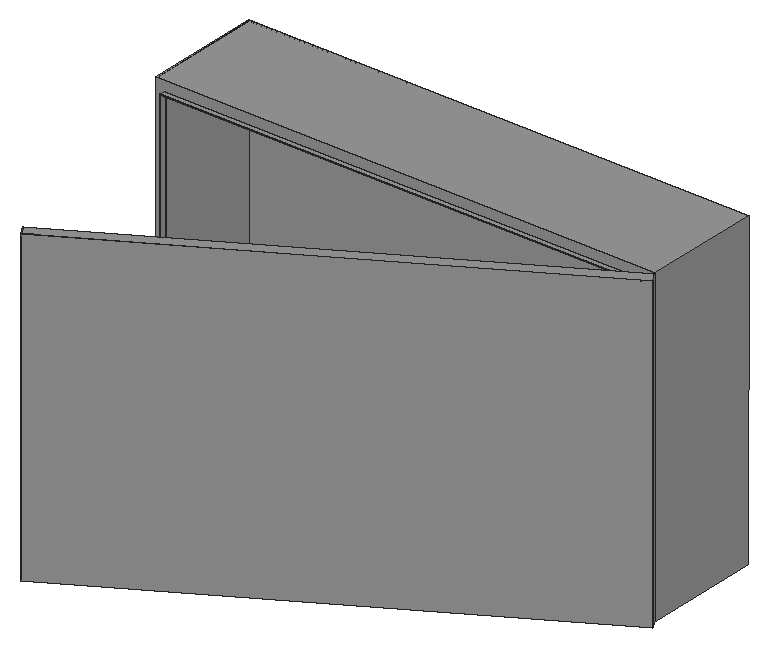
Revit family "Hager-Univers-IP44-D205-H500-Cl.I-Encl-NoHosted-CH-fr", category Electrical Equipment, Revit 2020
Family settings
  Panel Configuration = Two Columns, Circuits Across
  Round Connector Dimension = Use Diameter
  Part Type = Panelboard
  Work Plane-Based = Yes
  Always vertical = Yes
  Cut with Voids When Loaded = No
  Shared = No
  Room Calculation Point = No
Parameters (values of type "saillie IP44 L800 H500 P205  - FP33TN2")
  Width Control [instance] = if([EF000008 - largeur] > Min Width, [EF000008 - largeur], Min Width)  # 800 mm
  Type Comments = [HG000003 - Gamme]  # "Univers"
  Thickness Door [instance] = if([EF009171 - épaisseur de matériau de la porte/du couvercle] > 3 mm, 3 mm, [EF009171 - épaisseur de matériau de la porte/du couvercle])  # 1 mm
  Seal Frame Offset [instance] = 17 mm  # constant formula
  Plinth Visibility [instance] = [HG000027 - Hauteur du socle] > 0 mm  # no
  Min Width [instance] = 100 mm  # constant formula
  Min Depth [instance] = (2 * [EF009170 - épaisseur de matériau du boîtier]) + 1 mm  # 3 mm
  Min Height [instance] = 100 mm  # constant formula
  Internal Frame Depth [instance] = (Door System Depth * 0.5)  # 9 mm
  Panel Name [instance] = ""  # (empty or 0)
  Model = ""
  HG000027 - Hauteur du socle = 0 mm
  HG000026 - Installation au sol = no
  HG000024 - Hauteur de la section basse = 600 mm
  HG000023 - Armoire double section = no
  HG000016 - Visibilité de la porte 3D [instance] = yes
  HG000015 - Visibilité de l'emprise de la porte [instance] = no
  HG000014 - Porte à droite [instance] = yes
  HG000013 - Porte à gauche [instance] = not([HG000014 - Porte à droite])  # no
  HG000012 - Angle de pivotement de la porte [instance] = 30.00°
  HG000010 - Portes asymétriques = no
  HG000009 - Porte à double battant = no
  HG000006 - Encastré = no
  HG000004 - Référence fabricant = "FP33TN2"
  HG000003 - Gamme = "Univers"
  HG000002 - avec porte = yes
  Frame Offset Bottom [instance] = 10 mm  # constant formula
  Frame Offset [instance] = 15 mm  # constant formula
  EF015940 - couvercle avec décharge de pression = no
  EF011959 - degré de protection (NEMA) = ""
  EF009554 - nombre d'ouvertures pour plaques à bride = 6
  EF009212 - finition du couvercle = "EV000116 - fermé"
  EF009171 - épaisseur de matériau de la porte/du couvercle = 1 mm
  EF009170 - épaisseur de matériau du boîtier = 1 mm
  EF008873 - courant nominal (In) = 250 A
  EF007800 - adapté à un parafoudre = no
  EF006306 - avec serrure = no
  EF006244 - couvercle/porte transparent(e) = no
  EF005474 - indice de protection (IP) = "EV006418 - IP44"
  EF004464 - type de porte = "EV002646 - unique"
  EF004427 - nombre de modules = 108
  EF004293 - indice de protection contre les chocs (IK) = "EV006815 - IK09"
  EF003532 - convient pour utilisation à l’extérieur = no
  EF002950 - largeur en nombre de modules = 36
  EF001613 - maintien de fonction = "EV000494 - sans"
  EF001596 - matériau du boîtier/corps = "EV000179 - acier"
  EF001131 - profondeur intérieure = 205 mm
  EF001088 - possibilité de montage en saillie = yes
  EF000437 - nombre d'entrées de conduit = 6
  EF000339 - type de capot = "EV001012 - couvercle"
  EF000266 - nombre de rangées = 3
  EF000218 - profondeur d'encastrement = 205 mm
  EF000118 - avec cadre/support de montage = no
  EF000116 - numéro RAL = "9010"
  EF000049 - profondeur = 205 mm
  EF000040 - hauteur = 500 mm
  EF000008 - largeur = 800 mm
  EF000007 - couleur = "EV000202 - blanc"
  EF000003 - mode de pose = "EV000384 - saillie"
  Door System Leaf Tolerance [instance] = 1.5 mm  # constant formula
  Door System Depth [instance] = 18 mm  # constant formula
  Door Height [instance] = Height Control - [HG000027 - Hauteur du socle]  # 500 mm
  Description = ""
  Default Elevation = 1219.2 mm
  Connector Offset [instance] = Height Control / 2  # 250 mm
  Manufacturer = "Hager"  # constant formula
  Height Control [instance] = if([EF000040 - hauteur] > Min Height, [EF000040 - hauteur], Min Height)  # 500 mm
  Depth Control [instance] = if([EF000049 - profondeur] > Min Depth, [EF000049 - profondeur], Min Depth)  # 205 mm
  Bottom Top Plate Trim [instance] = 1.5 mm  # constant formula
  Plinth height Ctrl [instance] = if([HG000027 - Hauteur du socle] > 0 mm, [HG000027 - Hauteur du socle], 12 mm)  # 12 mm
Types (10, lengths in mm): name | Width Control | HG000010 - Portes asymétriques | HG000009 - Porte à double battant | HG000004 - Référence fabricant | EF009554 - nombre d'ouvertures pour plaques à bride | EF004464 - type de porte | EF004427 - nombre de modules | EF002950 - largeur en nombre de modules | EF000437 - nombre d'entrées de conduit | EF000218 - profondeur d'encastrement | EF000008 - largeur
  saillie IP44 L1050 H500 P205  - FP34QT | 1050 | no | no | "FP34QT" | 8 | "EV003602 - double" | 144 | 48 | 8 | 0 | 1050
  saillie IP44 L1050 H500 P205  - FP34TN2 | 1050 | no | yes | "FP34TN2" | 8 | "EV003602 - double" | 144 | 48 | 8 | 205 | 1050
  saillie IP44 L1300 H500 P205  - FP35QT | 1300 | no | no | "FP35QT" | 10 | "EV003602 - double" | 180 | 60 | 10 | 0 | 1300
  saillie IP44 L1300 H500 P205  - FP35TN2 | 1300 | yes | yes | "FP35TN2" | 10 | "EV003602 - double" | 180 | 60 | 10 | 205 | 1300
  saillie IP44 L300 H500 P205  - FP31QT | 300 | no | no | "FP31QT" | 2 | "EV002646 - unique" | 36 | 12 | 2 | 0 | 300
  saillie IP44 L300 H500 P205  - FP31TN2 | 300 | no | no | "FP31TN2" | 2 | "EV002646 - unique" | 36 | 12 | 2 | 205 | 300
  saillie IP44 L550 H500 P205  - FP32QT | 550 | no | no | "FP32QT" | 4 | "EV002646 - unique" | 72 | 24 | 4 | 0 | 550
  saillie IP44 L550 H500 P205  - FP32TN2 | 550 | no | no | "FP32TN2" | 4 | "EV002646 - unique" | 72 | 24 | 4 | 205 | 550
  saillie IP44 L800 H500 P205  - FP33QT | 800 | no | no | "FP33QT" | 6 | "EV002646 - unique" | 108 | 36 | 6 | 0 | 800
  saillie IP44 L800 H500 P205  - FP33TN2 | 800 | no | no | "FP33TN2" | 6 | "EV002646 - unique" | 108 | 36 | 6 | 205 | 800
Reference planes
  plane 1 "Center (Front/Back)": y = 0
  plane 2: z = 0
  plane 3 "Center (Left/Right)": x = 0
  plane 4: y = 0
  plane 5: y = 0
  plane 6: z = 0
  plane 7: x = -400
  plane 8: x = 400
  plane 9: x = 399
  plane 10: x = -399
  plane 11: z = 0
  plane 12: z = 1
  plane 13: y = -205
  plane 14: y = -1
  plane 15: x = 0
  plane 16: y = -187
  plane 17: y = -204
  plane 18: y = -186
  plane 19: x = -384
  plane 20: x = 384
  plane 21: z = 11
  plane 22: x = -383
  plane 23: x = 383
  plane 24: z = 0
  plane 25: z = 500
  plane 26: z = 500
  plane 27: z = 484
  plane 28: z = 499
Forms (mm)
  Extrusion 1, solid, material "Hager_Steel_RAL7035_Light_Grey", detail levels medium+fine
    sketch origin (-208.679, -4572, 0) x (-1, 0, 0) y (0, -1, 0)
      loop
        line (191.321, -4385) -> (-608.679, -4385) -> (-608.679, -4572) -> (191.321, -4572) -> (191.321, -4385)
    from 0 to 500
  Extrusion 2, void
    sketch origin (-350.771, -205, 1219.2) x (1, 0, 0) y (0, 0, 1)
      loop
        line (-48.229, -720.2) -> (-48.229, -1218.2) -> (749.771, -1218.2) -> (749.771, -720.2) -> (-48.229, -720.2)
    from -19 to -204
  Extrusion 3, void
    sketch origin (-290.084, -187, 1219.2) x (1, 0, 0) y (0, 0, 1)
      loop
        line (-93.916, -1208.2) -> (674.084, -1208.2) -> (674.084, -735.2) -> (-93.916, -735.2) -> (-93.916, -1208.2)
    from 0 to -1
  Extrusion 4, solid, material "Hager_Steel_RAL7035_Light_Grey", visible <- "Plinth Visibility", detail levels medium+fine
    sketch origin (0, 0, 0) x (1, 0, 0) y (0, 1, 0)
      loop
        line (-400, 0) -> (-400, -187) -> (400, -187) -> (400, 0) -> (-400, 0)
    from 0 to 12 <- "Plinth height Ctrl"
  Extrusion 5, solid, material "Hager_Steel_RAL7035_Light_Grey", detail levels coarse
    sketch origin (0, 0, 0) x (1, 0, 0) y (0, 1, 0)
      loop
        line (-400, 0) -> (-400, -205) -> (400, -205) -> (400, 0) -> (-400, 0)
    from 0 to 500 <- "Height Control"
  Sweep 6, void
    path in 3D
      loop
        line (-400, -187, 12) -> (400, -187, 12) -> (400, 0, 12) -> (-400, 0, 12) -> (-400, -187, 12)
    profile origin (-400, -93.5, 12) x (1, 0, 0) y (0, 0, 1)
      loop
        line (0, 0) -> (0, -1.5) -> (1.5, -1.5)
        arc (1.5, -1.5) -> (1.061, -0.439) -> (0, 0) r 1.5
  Extrusion 7, solid, material "Hager_Steel_RAL7035_Light_Grey", detail levels fine
    sketch origin (-400, -187, 0) x (1, 0, 0) y (0, 0, 1)
      loop
        line (16, 11) -> (784, 11) -> (784, 484) -> (16, 484) -> (16, 11)
      loop
        line (15, 10) -> (785, 10) -> (785, 485) -> (15, 485) -> (15, 10)
    from 0 to 9 <- "Internal Frame Depth"
Cuts and joins
  Extrusion 2, Extrusion 3 cuts Extrusion 1
  Sweep 6 cuts Extrusion 4
Lines and regions (mm)
  Masking region 1
    outline origin (0, 0, 0) x (1, 0, 0) y (0, 1, 0)
      loop
        line (-400, 0) -> (-400, -205) -> (400, -205) -> (400, 0) -> (-400, 0)
  Masking region 2, detail levels coarse
    outline origin (-290.084, -187, 1219.2) x (-1, 0, 0) y (0, 0, 1)
      loop
        line (-690.084, -1219.2) -> (109.916, -1219.2) -> (109.916, -719.2) -> (-690.084, -719.2) -> (-690.084, -1219.2)
  Masking region 3, detail levels coarse
    outline origin (0, 0, 0) x (0, 1, 0) y (0, 0, 1)
      loop
        line (0, 0) -> (0, 500) -> (-205, 500) -> (-205, 0) -> (0, 0)
  Masking region 4, visible <- "Plinth Visibility", detail levels medium+fine
    outline origin (0, 0, 0) x (0, 1, 0) y (0, 0, 1)
      loop
        line (-1.5, 12) -> (-185.5, 12)
        arc (-185.5, 12) -> (-185.939, 10.939) -> (-187, 10.5) r 1.5
        line (-187, 10.5) -> (-187, 0) -> (0, 0) -> (0, 10.5)
        arc (0, 10.5) -> (-1.061, 10.939) -> (-1.5, 12) r 1.5
  Masking region 5, detail levels medium+fine
    outline origin (0, 0, 594.038) x (0, 1, 0) y (0, 0, 1)
      loop
        line (0, -594.038) -> (0, -94.038) -> (-187, -94.038) -> (-187, -594.038) -> (0, -594.038)
  Masking region 6, detail levels medium+fine
    outline origin (-359.7, -187, 1211.883) x (-1, 0, 0) y (0, 0, 1)
      loop
        line (-759.7, -1211.883) -> (40.3, -1211.883) -> (40.3, -711.883) -> (-759.7, -711.883) -> (-759.7, -1211.883)
  Masking region 7, visible <- "Plinth Visibility", detail levels medium+fine
    outline origin (-320.334, -187, 1041.368) x (-1, 0, 0) y (0, 0, 1)
      loop
        line (-720.334, -1041.368) -> (79.666, -1041.368) -> (79.666, -1030.868)
        arc (79.666, -1030.868) -> (78.606, -1030.429) -> (78.166, -1029.368) r 1.5
        line (78.166, -1029.368) -> (-718.834, -1029.368)
        arc (-718.834, -1029.368) -> (-719.273, -1030.429) -> (-720.334, -1030.868) r 1.5
        line (-720.334, -1030.868) -> (-720.334, -1041.368)
  sketch lines
    curve 1: line (-400, 0, 12) -> (-400, -187, 12)
    curve 2: line (-400, -187, 12) -> (400, -187, 12)
    curve 3: line (400, 0, 12) -> (-400, 0, 12)
    curve 4: line (400, -187, 12) -> (400, 0, 12)
Dimensions and locks
  locked: plane 1 "Center (Front/Back)" to plane 5
  "EF009170 - épaisseur de matériau du boîtier": plane 7 to plane 10
  "EF009170 - épaisseur de matériau du boîtier": plane 8 to plane 9
  equal spacing: plane 7, plane 3 "Center (Left/Right)", plane 8
  "Width Control": plane 7 to plane 8
  "Depth Control": plane 4 to plane 13
  "EF009170 - épaisseur de matériau du boîtier": plane 4 to plane 14
  "Height Control": plane 25 to level
  "HG000027 - Hauteur du socle": plane 11 to level
  "EF009170 - épaisseur de matériau du boîtier": plane 12 to plane 11
  "EF009170 - épaisseur de matériau du boîtier": plane 17 to plane 13
  "EF009170 - épaisseur de matériau du boîtier": plane 18 to plane 16
  "Frame Offset Bottom": plane 21 to plane 12
  "Frame Offset": plane 10 to plane 19
  "Frame Offset": plane 9 to plane 20
  "Door System Depth": plane 16 to plane 13
  "Seal Frame Offset": plane 7 to plane 22
  "Seal Frame Offset": plane 8 to plane 23
  "EF009170 - épaisseur de matériau du boîtier": plane 26 to plane 28
  "Frame Offset": plane 28 to plane 27
  "Connector Offset": plane 2 to connector elem
  "Bottom Top Plate Trim": profile plane to Sweep 6 sketch curve
  "Bottom Top Plate Trim": Sweep 6 sketch curve to Sweep 6 sketch curve
  "Plinth height Ctrl": Masking region 4 sketch curve to level
  "Plinth height Ctrl": Masking region 7 sketch curve to level
  "Thickness Door": Extrusion 7 sketch curve to Extrusion 7 sketch curve  (x4)
  "Bottom Top Plate Trim": radius of Sweep 6 sketch curve
  "Bottom Top Plate Trim": radius of Masking region 4 sketch curve  (x2)
  "Bottom Top Plate Trim": radius of Masking region 7 sketch curve  (x2)
  aligned and locked: Extrusion 2 sketch curve to plane 12
  aligned and locked: Extrusion 2 sketch curve to plane 9
  aligned and locked: Extrusion 2 sketch curve to plane 10
  aligned and locked: Extrusion 2 to plane 14
  aligned and locked: Extrusion 1 sketch curve to plane 4
  aligned and locked: plane 8 to Extrusion 1 sketch curve
  aligned and locked: plane 7 to Extrusion 1 sketch curve
  aligned and locked: Extrusion 2 to plane 18
  aligned and locked: plane 19 to Extrusion 3 sketch curve
  aligned and locked: plane 20 to Extrusion 3 sketch curve
  aligned and locked: Extrusion 3 to Extrusion 2
  aligned and locked: Extrusion 3 sketch curve to plane 21
  aligned and locked: plane 3 "Center (Left/Right)" to nested 1
  aligned and locked: Extrusion 1 sketch curve to plane 16
  aligned and locked: Extrusion 4 sketch curve to cut or joined group of Extrusion 1, Extrusion 2, Extrusion 3
  aligned and locked: Masking region 1 sketch curve to plane 7
  aligned and locked: Masking region 1 sketch curve to plane 5
  aligned and locked: Masking region 1 sketch curve to plane 8
  aligned and locked: Masking region 2 sketch curve to level
  aligned and locked: level to Masking region 3 sketch curve
  aligned and locked: plane 1 "Center (Front/Back)" to Masking region 3 sketch curve
  aligned and locked: plane 13 to Masking region 3 sketch curve
  aligned and locked: plane 5 to Masking region 4 sketch curve
  aligned and locked: Masking region 2 sketch curve to plane 8
  aligned and locked: Masking region 2 sketch curve to plane 7
  aligned and locked: plane 7 to nested 2
  aligned and locked: nested 2 to plane 5
  aligned and locked: plane 5 to Masking region 5 sketch curve
  aligned and locked: plane 26 to Masking region 5 sketch curve
  aligned and locked: Extrusion 5 sketch curve to plane 8
  aligned and locked: Extrusion 5 sketch curve to plane 7
  aligned and locked: Extrusion 5 sketch curve to plane 5
  aligned and locked: Extrusion 3 sketch curve to plane 27
  aligned and locked: Extrusion 2 sketch curve to plane 28
  aligned and locked: Masking region 2 to plane 25
  aligned and locked: Extrusion 4 to plane 16
  aligned and locked: profile plane to Sweep 6 sketch curve
  aligned and locked: Masking region 5 sketch curve to plane 24
  aligned and locked: level to Masking region 4 sketch curve
  aligned and locked: Masking region 1 to plane 13
  aligned and locked: nested 1 to plane 16
  aligned and locked: Masking region 3 to plane 25
  aligned and locked: plane 16 to Masking region 4 sketch curve
  aligned and locked: Masking region 5 sketch curve to plane 16
  aligned and locked: plane 24 to plane 11
  aligned and locked: plane 26 to plane 25
  aligned and locked: plane 26 to cut or joined group of Extrusion 1, Extrusion 2, Extrusion 3
  aligned and locked: nested 1 to plane 24
  aligned and locked: Extrusion 1 to Extrusion 3
  aligned and locked: Masking region 6 sketch curve to plane 8
  aligned and locked: Masking region 6 sketch curve to plane 24
  aligned and locked: Masking region 6 sketch curve to plane 7
  aligned and locked: Masking region 6 sketch curve to plane 26
  aligned and locked: Masking region 7 sketch curve to plane 7
  aligned and locked: level to Masking region 7 sketch curve
  aligned and locked: Masking region 7 sketch curve to plane 8
  aligned and locked: Extrusion 7 sketch curve to cut or joined group of Extrusion 1, Extrusion 2, Extrusion 3  (x4)
Automatic sketch dimensions
  plane 19 to Extrusion 3 sketch curve = 0 mm
  Extrusion 3 sketch curve to plane 20 = 0 mm
  Extrusion 3 sketch curve to plane 21 = 0 mm
  Extrusion 4 sketch curve to plane 7 = 0 mm
  Extrusion 4 sketch curve to plane 8 = 0 mm
  Extrusion 4 sketch curve to plane 16 = 0 mm
  Masking region 1 sketch curve to plane 13 = 0 mm
  Masking region 2 sketch curve to plane 25 = 0 mm
  Masking region 3 sketch curve to plane 25 = 0 mm
  Extrusion 5 sketch curve to plane 13 = 0 mm
  profile plane to Sweep 6 sketch curve = 0 mm
Nested families
  nested 1: "EC000058_Univers_Door" at (0, -187, 0), Double <- "HG000009 - Porte à double battant", Transparent <- "EF006244 - couvercle/porte transparent(e)", Angle <- "HG000012 - Angle de pivotement de la porte", Door_Right <- "HG000014 - Porte à droite", Assymetrical <- "HG000010 - Portes asymétriques", Door <- "HG000002 - avec porte", Width_Ctrl <- "Width Control", 3d_Door <- "HG000016 - Visibilité de la porte 3D", Clearance <- "HG000015 - Visibilité de l'emprise de la porte", Door_Left <- "HG000013 - Porte à gauche", Width <- "Width Control", Door_Depth <- "Door System Depth", Leaf_Tolerance <- "Door System Leaf Tolerance", Height <- "Door Height", Lock_Visibility <- "EF006306 - avec serrure", Thickness <- "Thickness Door", type "EC000058_Univers_Door", detail levels medium+fine
    with min_wh 3 mm, Width_Ctrl 800 mm, Width 800 mm, Transparent no, Thickness 1 mm, Seal_Material Hager_Rubber, Lock_Visibility no, Lock_Material Hager_Plastic_RAL9005_Jet_Black, Leaf_Width 800 mm, Leaf_Tolerance_External_Sides 0 mm, Leaf_Tolerance 1.5 mm, Leaf_Offset 0 mm, Leaf_Height 497 mm, Leaf_2_Width 800 mm, Leaf_2_Offset 400 mm, Leaf_1_Width 800 mm, Leaf_1_Offset 400 mm, Height_Ctrl 500 mm, Height 500 mm, Glass_Material Hager_Glass, Double_Clearance_Ctrl no, Double no, Door_Right_Ctrl yes, Door_Right yes, Door_Material Hager_Steel_RAL7035_Light_Grey, Door_Left_Ctrl no, Door_Left no, Door_Depth 18 mm, Door yes, Clearance_Material Hager_Clearance, Clearance_Depth 800 mm, Clearance_Ctrl no, Clearance no, Assymetrical no, Angle 30.00°, 3d_Door yes
  nested 2: "Hager_Enclosure_Symbol" at (-400, 0, 0), Height <- "Depth Control", Width <- "Width Control", type "Hager_Enclosure_Symbol"
    with Width_Ctrl 800 mm, Width 800 mm, Height_Ctrl 205 mm, Height 205 mm, A_Width_Int 13.453 mm, A_Width 161.438 mm, A_Height_Ctrl 179.375 mm, A_Height 179.375 mm
Connectors
  electrical at (0, 0, 250)
    settings: on plane 1 "Center (Front/Back)", index 1, voltage 0 V, apparent load 0 VA, apparent load phase1 0 VA, apparent load phase2 0 VA, apparent load phase3 0 VA, power factor 1, load classification "Other", number of poles 1, system type 30, power factor state 1, is connector primary yes, connector utility no, sub classification motor no, connector description ""
Definition of nested family "EC000058_Univers_Door"
  Parameters (values of type "EC000058_Univers_Door")
    min_wh [instance] = (2 * Thickness) + 1 mm  # 11 mm
    Width_Ctrl [instance] = 400 mm
    Width [instance] = 500 mm
    Transparent [instance] = yes
    Thickness [instance] = 5 mm
    Seal_Material [instance] = none
    Lock_Visibility [instance] = yes
    Lock_Material [instance] = none
    Leaf_Width [instance] = if((Width_Ctrl - 2 * Leaf_Tolerance_External_Sides) > 0 mm, (Width_Ctrl - 2 * Leaf_Tolerance_External_Sides), min_wh)  # 400 mm
    Leaf_Tolerance_External_Sides [instance] = 0 mm  # constant formula
    Leaf_Tolerance [instance] = 1.5 mm
    Leaf_Offset [instance] = 0 mm  # constant formula
    Leaf_Height [instance] = if((Height_Ctrl - 2 * Leaf_Tolerance) > 0 mm, (Height_Ctrl - 2 * Leaf_Tolerance), min_wh)  # 497 mm
    Leaf_2_Width [instance] = if(and(and(Double, Assymetrical), Door_Left), (Leaf_Width / 3) - (Leaf_Tolerance / 2), if(and(and(Double, Assymetrical), Door_Right), (Leaf_Width / 3) * 2 - (Leaf_Tolerance / 2), if(and(Double, not(Assymetrical)), (Leaf_Width / 2) - Leaf_Tolerance, Leaf_Width)))  # 400 mm
    Leaf_2_Offset [instance] = if(and(Double, Assymetrical), Leaf_2_Width / 2, if(and(Double, not(Assymetrical)), Leaf_Width / 4, Leaf_Width / 2))  # 200 mm
    Leaf_1_Width [instance] = if(and(and(Double, Assymetrical), Door_Right), (Leaf_Width / 3) - (Leaf_Tolerance / 2), if(and(and(Double, Assymetrical), Door_Left), (Width / 3) * 2 - (Leaf_Tolerance / 2), if(and(Double, not(Assymetrical)), (Leaf_Width / 2) - Leaf_Tolerance, Leaf_Width)))  # 400 mm
    Leaf_1_Offset [instance] = if(and(Double, Assymetrical), Leaf_1_Width / 2, if(and(Double, not(Assymetrical)), Leaf_Width / 4, Leaf_Width / 2))  # 200 mm
    Height_Ctrl [instance] = if(Height > min_wh, Height, min_wh)  # 500 mm
    Height [instance] = 500 mm
    Glass_Material [instance] = none
    Double_Clearance_Ctrl [instance] = and(Double, Clearance)  # no
    Double [instance] = no
    Door_Right_Ctrl [instance] = and(or(Door_Right, Double), Door)  # yes
    Door_Right [instance] = yes
    Door_Material [instance] = none
    Door_Left_Ctrl [instance] = and(or(Door_Left, Double), Door)  # no
    Door_Left [instance] = no
    Door_Depth [instance] = 30 mm
    Door [instance] = yes
    Default Elevation = 1219.2 mm
    Clearance_Material [instance] = none
    Clearance_Depth [instance] = if(Leaf_1_Width > Leaf_2_Width, Leaf_1_Width, Leaf_2_Width)  # 400 mm
    Clearance_Ctrl [instance] = and(not(Double), Clearance)  # yes
    Clearance [instance] = yes
    Assymetrical [instance] = yes
    Angle [instance] = 30.00°
    3d_Door [instance] = yes
  Reference planes
    plane 1 "Center (Front/Back)": y = 0
    plane 2 "Bottom": z = 0
    plane 3 "Center (Left/Right)": x = 0
    plane 4: z = 500
    plane 5: x = -200
    plane 6: x = 200
    plane 7: z = 500
    plane 8: x = -200
    plane 9: z = 0
    plane 10: x = 200
    plane 11: y = 0
    plane 12: z = 1.5
    plane 13: x = -600
    plane 14: y = -400
    plane 15: x = 600
    plane 16: x = 0
    plane 17: x = 0
    plane 18: x = -200
    plane 19: x = 200
    plane 20: z = 498.5
  Forms (mm)
    Extrusion 1, solid, material <- "Clearance_Material", visible <- "Double_Clearance_Ctrl"
      sketch origin (1200, 0, 0) x (1, 0, 0) y (0, 0, -1)
        loop
          line (-1800, -498.5) -> (-600, -498.5) -> (-600, 0) -> (-1800, 0) -> (-1800, -498.5)
      from 0 to -400
  Dimensions and locks
    equal spacing: plane 5, plane 3 "Center (Left/Right)", plane 6
    "Width_Ctrl": plane 5 to plane 6
    "Leaf_Offset": plane 5 to plane 8
    "Leaf_Offset": plane 6 to plane 10
    "Leaf_Offset": plane 9 to level
    "Leaf_Offset": plane 4 to plane 7
    "Height_Ctrl": plane 4 to level
    "Leaf_Tolerance": plane 12 to plane 9
    locked: plane 11 to plane 1 "Center (Front/Back)"
    "Leaf_1_Offset": plane 18 to plane 16
    "Leaf_2_Offset": plane 17 to plane 19
    "Leaf_1_Width": plane 13 to plane 8
    "Leaf_2_Width": plane 10 to plane 15
    "Clearance_Depth": plane 14 to plane 1 "Center (Front/Back)"
    "Leaf_Tolerance_External_Sides": plane 8 to plane 18
    "Leaf_Tolerance_External_Sides": plane 19 to plane 10
    "Leaf_Tolerance": plane 7 to plane 20
    aligned and locked: level to plane 2 "Bottom"
    aligned and locked: nested 1 to plane 16
    aligned and locked: nested 2 to plane 17
    aligned and locked: Extrusion 1 to plane 13
    aligned and locked: plane 15 to Extrusion 1
    aligned and locked: Extrusion 1 to plane 14
    aligned and locked: plane 12 to nested 1
    aligned and locked: nested 2 to plane 12
    aligned and locked: Extrusion 1 to plane 11
    aligned and locked: plane 20 to Extrusion 1
    aligned and locked: nested 2 to plane 11
    aligned and locked: nested 1 to plane 11
  Automatic sketch dimensions
    Extrusion 1 sketch curve to level = 0 mm
    plane 5 to Extrusion 1 sketch curve = 400 mm
    plane 6 to Extrusion 1 sketch curve = 400 mm
    Extrusion 1 sketch curve to plane 4 = 1.5 mm
  Nested families
    nested 1: "EC000058_Univers_Door_Leaf" at (0, 0, 1.5), Width <- "Leaf_1_Width", visible <- "Door_Left_Ctrl", Leaf_Height <- "Leaf_Height", Angle <- "Angle", 3d_Door <- "3d_Door", Transparent <- "Transparent", Clearance Material <- "Clearance_Material", Clearance <- "Clearance_Ctrl", Door_Material <- "Door_Material", Glass_Material <- "Glass_Material", Door_Depth <- "Door_Depth", Lock_Material <- "Lock_Material", Seal_Material <- "Seal_Material", Lock_Visibility <- "Lock_Visibility", Thickness <- "Thickness", type "EC000058_Univers_Door_Leaf"
      with Width 400 mm, Transparent_Glass_Offset 30 mm, Transparent_Ctrl yes, Transparent yes, Thickness 5 mm, Standard no, Seal_Material none, Seal_D2 8 mm, Seal_D1 1 mm, Offset_Internal_Frame 10 mm, Lock_Width 20 mm, Lock_Visibility_3d yes, Lock_Visibility yes, Lock_Thickness_3 3 mm, Lock_Thickness_2 1 mm, Lock_Thickness_1 3 mm, Lock_Radius_Offset_2 16 mm, Lock_Radius_Offset_1 15 mm, Lock_Radius_2 5 mm, Lock_Radius 6 mm, Lock_Offset 5 mm, Lock_Material none, Lock_Height 80 mm, Lock_Cover_Top_Offset_2d 17 mm, Lock_Cover_Height -65 mm, Leaf_Height 497 mm, Internal_Seal_Thickness 8 mm, Internal_Seal_Depth_2 4.5 mm, Internal_Frame_Depth 25 mm, Glass_Thickness -1 mm, Glass_Offset -2 mm, Glass_Material none, Door_Material none, Door_Depth 30 mm, Clearance Material none, Clearance yes, Angle_Ctrl 30.00°, Angle 30.00°, 3d_Door yes
    nested 2: "EC000058_Univers_Door_Leaf" at (0, 0, 1.5) x (-1, 0, 0) z (0, 0, 1), Width <- "Leaf_2_Width", visible <- "Door_Right_Ctrl", Leaf_Height <- "Leaf_Height", Angle <- "Angle", 3d_Door <- "3d_Door", Transparent <- "Transparent", Clearance Material <- "Clearance_Material", Clearance <- "Clearance_Ctrl", Door_Material <- "Door_Material", Glass_Material <- "Glass_Material", Door_Depth <- "Door_Depth", Lock_Material <- "Lock_Material", Seal_Material <- "Seal_Material", Lock_Visibility <- "Lock_Visibility", Thickness <- "Thickness", type "EC000058_Univers_Door_Leaf"
      with Width 400 mm, Transparent_Glass_Offset 30 mm, Transparent_Ctrl yes, Transparent yes, Thickness 5 mm, Standard no, Seal_Material none, Seal_D2 8 mm, Seal_D1 1 mm, Offset_Internal_Frame 10 mm, Lock_Width 20 mm, Lock_Visibility_3d yes, Lock_Visibility yes, Lock_Thickness_3 3 mm, Lock_Thickness_2 1 mm, Lock_Thickness_1 3 mm, Lock_Radius_Offset_2 16 mm, Lock_Radius_Offset_1 15 mm, Lock_Radius_2 5 mm, Lock_Radius 6 mm, Lock_Offset 5 mm, Lock_Material none, Lock_Height 80 mm, Lock_Cover_Top_Offset_2d 17 mm, Lock_Cover_Height -65 mm, Leaf_Height 497 mm, Internal_Seal_Thickness 8 mm, Internal_Seal_Depth_2 4.5 mm, Internal_Frame_Depth 25 mm, Glass_Thickness -1 mm, Glass_Offset -2 mm, Glass_Material none, Door_Material none, Door_Depth 30 mm, Clearance Material none, Clearance yes, Angle_Ctrl 30.00°, Angle 30.00°, 3d_Door yes
  Definition of nested family "EC000058_Univers_Door_Leaf"
    Parameters (values of type "EC000058_Univers_Door_Leaf")
      Width [instance] = 2000 mm
      Transparent_Glass_Offset [instance] = 30 mm
      Transparent_Ctrl [instance] = and(Transparent, [3d_Door])  # yes
      Transparent [instance] = yes
      Thickness [instance] = 5 mm
      Standard [instance] = and(not(Transparent), [3d_Door])  # no
      Seal_Material [instance] = none
      Seal_D2 [instance] = 8 mm  # constant formula
      Seal_D1 [instance] = 1 mm  # constant formula
      Offset_Internal_Frame [instance] = 10 mm  # constant formula
      Lock_Width [instance] = 20 mm  # constant formula
      Lock_Visibility_3d [instance] = and(Lock_Visibility, [3d_Door])  # yes
      Lock_Visibility [instance] = yes
      Lock_Thickness_3 [instance] = 3 mm  # constant formula
      Lock_Thickness_2 [instance] = 1 mm  # constant formula
      Lock_Thickness_1 [instance] = 3 mm  # constant formula
      Lock_Radius_Offset_2 [instance] = Lock_Radius_Offset_1 + 1 mm  # 16 mm
      Lock_Radius_Offset_1 [instance] = 15 mm  # constant formula
      Lock_Radius_2 [instance] = Lock_Radius - 1 mm  # 5 mm
      Lock_Radius [instance] = 6 mm  # constant formula
      Lock_Offset [instance] = 5 mm  # constant formula
      Lock_Material [instance] = none
      Lock_Height [instance] = 80 mm  # constant formula
      Lock_Cover_Top_Offset_2d [instance] = Lock_Radius_Offset_2 + 1 mm  # 17 mm
      Lock_Cover_Height [instance] = -(Lock_Height - Lock_Radius_Offset_1)  # -65 mm
      Leaf_Height [instance] = 2720.336 mm
      Internal_Seal_Thickness [instance] = 8 mm  # constant formula
      Internal_Seal_Depth_2 [instance] = 4.5 mm  # constant formula
      Internal_Frame_Depth [instance] = if(Door_Depth - Thickness > 5 mm, Door_Depth - Thickness, 5 mm)  # 25 mm
      Glass_Thickness [instance] = if(Thickness > 15 mm, Glass_Offset + 10 mm, -1 mm)  # -1 mm
      Glass_Offset [instance] = if(Thickness > 15 mm, -(Thickness + 10 mm) / 2, -2 mm)  # -2 mm
      Glass_Material [instance] = none
      Door_Material [instance] = none
      Door_Depth [instance] = 30 mm
      Default Elevation = 0 mm
      Clearance Material [instance] = none
      Clearance [instance] = yes
      Angle_Ctrl [instance] = if(Angle > 180.00°, 180.00°, Angle)  # 90.00°
      Angle [instance] = 90.00°
      3d_Door [instance] = yes
    Reference planes
      plane 1 "Center (Front/Back)": y = 0
      plane 2: z = 0
      plane 3 "Center (Left/Right)": x = 0
      plane 4: y = 2000
      plane 5: x = -1000
      plane 6: x = 1000
      plane 7: x = -3000
      plane 8: z = 2720.336
      plane 9: z = 30
      plane 10: z = 2690.336
      plane 11: x = 970
      plane 12: x = -970
      plane 13: y = -3
      plane 14: z = 107.833
      plane 15: y = -5
      plane 16: y = -223.314
      plane 17: x = -1000
      plane 18: z = 1360.168
      plane 19: y = 30
    Forms (mm)
      Extrusion 1, solid, material <- "Clearance Material", visible <- "Clearance"
        sketch origin (0, 0, 0) x (1, 0, 0) y (0, 0, 1)
          loop
            line (-3000, 2720.336) -> (-3000, 0) -> (1000, 0) -> (1000, 2720.336) -> (-3000, 2720.336)
        from 0 to -2000
      Extrusion 2, solid, material <- "Door_Material", visible <- "Standard", detail levels medium+fine
        sketch origin (-1000, 0, 0) x (0, 1, 0) y (-1, 0, 0)
          loop
            line (0, 30) -> (0, 25) -> (2000, 25) -> (2000, 30) -> (0, 30)
        from 0 to 2720.336 <- "Leaf_Height"
      Extrusion 3, solid, material <- "Door_Material", visible <- "Transparent_Ctrl", detail levels medium+fine
        sketch origin (-1000, 0, 0) x (0, 1, 0) y (-1, 0, 0)
          loop
            line (0, 25) -> (2000, 25) -> (2000, 30) -> (0, 30) -> (0, 25)
        from 0 to 2720.336 <- "Leaf_Height"
      Extrusion 4, void
        sketch origin (-1025, 2000, 0) x (0, 1, 0) y (0, 0, -1)
          loop
            line (-30, -2690.336) -> (-30, -30) -> (-1970, -30) -> (-1970, -2690.336) -> (-30, -2690.336)
        from 0 to 5 <- "Thickness"
      Sweep 5, solid, material <- "Seal_Material", visible <- "Transparent_Ctrl", detail levels fine
        path in 3D
          loop
            line (-1025, 30, 30) -> (-1025, 30, 2690.336) -> (-1025, 1970, 2690.336) -> (-1025, 1970, 30) -> (-1025, 30, 30)
        profile origin (-1025, 1000, 30) x (1, 0, 0) y (0, 0, 1)
          loop
            line (0, 0) -> (0, -8) -> (1, -8) -> (1, 0) -> (0, 0)
      Extrusion 6, solid, material <- "Glass_Material", visible <- "Transparent_Ctrl", detail levels medium+fine
        sketch origin (-1030, 0, 0) x (0, 1, 0) y (0, 0, -1)
          loop
            line (1970, -2690.336) -> (1970, -30) -> (30, -30) -> (30, -2690.336) -> (1970, -2690.336)
        from -2 <- "Glass_Offset" to -1 <- "Glass_Thickness"
      Extrusion 7, solid, material <- "Door_Material", visible <- "3d_Door", detail levels medium+fine
        sketch origin (-1025, 2000, 0) x (0, -1, 0) y (0, 0, -1)
          loop
            line (0, -2720.336) -> (2000, -2720.336) -> (2000, 0) -> (0, 0) -> (0, -2720.336)
          loop
            line (1995, -5) -> (5, -5) -> (5, -2715.336) -> (1995, -2715.336) -> (1995, -5)
        from 0 to 25 <- "Internal_Frame_Depth"
      Sweep 8, solid, material <- "Seal_Material", visible <- "Transparent_Ctrl", detail levels fine
        path in 3D
          loop
            line (-1025, 0, 0) -> (-1025, 2000, 0) -> (-1025, 2000, 2720.336) -> (-1025, 0, 2720.336) -> (-1025, 0, 0)
        profile origin (-1025, 0, 1360.168) x (1, 0, 0) y (0, 1, 0)
          loop
            line (0, 10) -> (2.975, 10)
            arc (2.975, 10) -> (4.053, 10.447) -> (4.5, 11.525) r 1.525
            line (4.5, 11.525) -> (4.5, 16.527)
            arc (4.5, 16.527) -> (4.069, 17.569) -> (3.027, 18) r 1.473
            line (3.027, 18) -> (0, 18) -> (0, 10)
      Extrusion 9, solid, material <- "Lock_Material", visible <- "Lock_Visibility_3d", detail levels fine
        sketch origin (-1030, 0, 0) x (0, 1, 0) y (0, 0, -1)
          loop
            arc (1993.5, -1400.168) -> (1994.561, -1399.729) -> (1995, -1398.668) r 1.5
            line (1995, -1398.668) -> (1995, -1320.168) -> (1975, -1320.168) -> (1975, -1398.668)
            arc (1975, -1398.668) -> (1975.439, -1399.729) -> (1976.5, -1400.168) r 1.5
            line (1976.5, -1400.168) -> (1993.5, -1400.168)
        from 3 <- "Lock_Thickness_1" to 0
      Blend 10, solid, material <- "Lock_Material", visible <- "Lock_Visibility_3d", detail levels fine
        base sketch origin (-1033, 0, 0) x (0, 1, 0) y (0, 0, -1)
          loop
            line (1975, -1320.168) -> (1975, -1398.668)
            arc (1975, -1398.668) -> (1975.439, -1399.729) -> (1976.5, -1400.168) r 1.5
            line (1976.5, -1400.168) -> (1993.5, -1400.168)
            arc (1993.5, -1400.168) -> (1994.561, -1399.729) -> (1995, -1398.668) r 1.5
            line (1995, -1398.668) -> (1995, -1320.168) -> (1975, -1320.168)
        top sketch origin (-1033, 0, 0) x (0, 1, 0) y (0, 0, -1)
          loop
            line (1976, -1320.168) -> (1976, -1398.668)
            arc (1976, -1398.668) -> (1976.146, -1399.022) -> (1976.5, -1399.168) r 0.5
            line (1976.5, -1399.168) -> (1993.5, -1399.168)
            arc (1993.5, -1399.168) -> (1993.854, -1399.022) -> (1994, -1398.668) r 0.5
            line (1994, -1398.668) -> (1994, -1320.168) -> (1976, -1320.168)
        from 0 to 1 <- "Lock_Thickness_2"
      Blend 11, solid, material <- "Lock_Material", visible <- "Lock_Visibility_3d", detail levels fine
        base sketch origin (-1034, 0, 0) x (0, 1, 0) y (0, 0, -1)
          loop
            line (1978, -1320.168) -> (1978, -1384.168)
            arc (1978, -1384.168) -> (1985, -1391.168) -> (1992, -1384.168) r 7
            line (1992, -1384.168) -> (1992, -1320.168) -> (1978, -1320.168)
        top sketch origin (-1034, 0, 0) x (0, 1, 0) y (0, 0, -1)
          loop
            line (1991, -1320.168) -> (1979, -1320.168) -> (1979, -1383.168)
            arc (1979, -1383.168) -> (1985, -1389.168) -> (1991, -1383.168) r 6
            line (1991, -1383.168) -> (1991, -1320.168)
        from 0 to 3 <- "Lock_Thickness_3"
      Extrusion 12, solid, material <- "Lock_Material", visible <- "Lock_Visibility_3d", detail levels fine
        sketch origin (-1030, 1975, 1320.168) x (1, 0, 0) y (0, -1, 0)
          loop
            line (-7, -19) -> (-7, -1) -> (0, -1) -> (0, 0) -> (-8, 0) -> (-8, -20) -> (0, -20) -> (0, -19) -> (-7, -19)
        from 0 to -65 <- "Lock_Cover_Height"
      Extrusion 13, void
        sketch origin (-1038, 1995, 1320.168) x (-1, 0, 0) y (0, 0, -1)
          loop
            line (-5, -65) -> (0, -65) -> (-5, -60) -> (-5, -65)
        from 0 to 20 <- "Lock_Width"
      Extrusion 14, void
        sketch origin (-1038, 1975, 1320.168) x (0, -1, 0) y (0, 0, -1)
          loop
            circle (-10, -15.995) r 6
          loop
            circle (-10, -15.995) r 5
        from 0 to 2
      Extrusion 15, solid, material <- "Lock_Material", visible <- "Lock_Visibility_3d", detail levels medium
        sketch origin (-1030, 0, 0) x (0, 1, 0) y (0, 0, -1)
          loop
            arc (1993.5, -1400.168) -> (1994.561, -1399.729) -> (1995, -1398.668) r 1.5
            line (1995, -1398.668) -> (1995, -1320.168) -> (1975, -1320.168) -> (1975, -1398.668)
            arc (1975, -1398.668) -> (1975.439, -1399.729) -> (1976.5, -1400.168) r 1.5
            line (1976.5, -1400.168) -> (1993.5, -1400.168)
        from 8 to 0
    Cuts and joins
      Extrusion 4 cuts Extrusion 3
      Extrusion 13, Extrusion 14 cuts Extrusion 9
      Extrusion 14 cuts Blend 11
      Extrusion 13, Extrusion 14 cuts Extrusion 12
      joined: Extrusion 9, Blend 10, Blend 11, Extrusion 12
      Extrusion 14 cuts Extrusion 15
    Lines and regions (mm)
      Masking region 1, visible <- "Lock_Visibility", detail levels fine
        outline origin (0, 0, 0) x (0, 1, 0) y (0, 0, 1)
          loop
            line (30, 1320.168) -> (33, 1320.168) -> (33, 1400.168) -> (30, 1400.168) -> (30, 1320.168)
      Masking region 2, visible <- "Lock_Visibility", detail levels fine
        outline origin (0, 3.143, 0) x (0, 1, 0) y (0, 0, 1)
          loop
            line (29.857, 1354.168) -> (30.857, 1354.168) -> (30.857, 1366.168) -> (29.857, 1366.168) -> (29.857, 1354.168)
      Masking region 3, detail levels medium+fine
        outline origin (0, 0, 0) x (0, 1, 0) y (0, 0, 1)
          loop
            line (0, 0) -> (30, 0) -> (30, 2720.336) -> (0, 2720.336) -> (0, 0)
      Masking region 4, detail levels medium+fine
        outline origin (0, 0, 0) x (1, 0, 0) y (0, 0, 1)
          loop
            line (-1000, 2720.336) -> (-1000, 0) -> (1000, 0) -> (1000, 2720.336) -> (-1000, 2720.336)
      Masking region 5, visible <- "Lock_Visibility", detail levels fine
        outline origin (-47.116, 0, 0) x (1, 0, 0) y (0, 0, 1)
          loop
            arc (1024.616, 1399.168) -> (1023.556, 1398.729) -> (1023.116, 1397.668) r 1.5
            line (1023.116, 1397.668) -> (1023.116, 1320.168) -> (1041.116, 1320.168) -> (1041.116, 1397.668)
            arc (1041.116, 1397.668) -> (1040.677, 1398.729) -> (1039.616, 1399.168) r 1.5
            line (1039.616, 1399.168) -> (1024.616, 1399.168)
      Masking region 6, visible <- "Lock_Visibility", detail levels medium+fine
        outline origin (-25, 0, 0) x (1, 0, 0) y (0, 0, 1)
          loop
            arc (1001.5, 1400.168) -> (1000.439, 1399.729) -> (1000, 1398.668) r 1.5
            line (1000, 1398.668) -> (1000, 1320.168) -> (1020, 1320.168) -> (1020, 1398.668)
            arc (1020, 1398.668) -> (1019.561, 1399.729) -> (1018.5, 1400.168) r 1.5
            line (1018.5, 1400.168) -> (1001.5, 1400.168)
      Masking region 7, visible <- "Lock_Visibility", detail levels fine
        outline origin (-73.735, 0, 0) x (1, 0, 0) y (0, 0, 1)
          loop
            line (1051.735, 1382.168) -> (1065.735, 1382.168) -> (1065.735, 1384.168)
            arc (1065.735, 1384.168) -> (1058.735, 1391.168) -> (1051.735, 1384.168) r 7
            line (1051.735, 1384.168) -> (1051.735, 1382.168)
      Masking region 8, visible <- "Lock_Visibility", detail levels fine
        outline origin (-73.735, 0, 0) x (1, 0, 0) y (0, 0, 1)
          loop
            line (1052.735, 1382.168) -> (1064.735, 1382.168) -> (1064.735, 1383.168)
            arc (1064.735, 1383.168) -> (1058.735, 1389.168) -> (1052.735, 1383.168) r 6
            line (1052.735, 1383.168) -> (1052.735, 1382.168)
      Masking region 9, visible <- "Lock_Visibility", detail levels fine
        outline origin (-25, 0, 0) x (1, 0, 0) y (0, 0, 1)
          loop
            line (1020, 1320.168) -> (1020, 1382.168) -> (1000, 1382.168) -> (1000, 1320.168) -> (1020, 1320.168)
      Masking region 10, detail levels medium+fine
        outline origin (0, 0, 0) x (1, 0, 0) y (0, 0, 1)
          loop
            circle (985, 1335.144) r 6
      Masking region 11, detail levels fine
        outline origin (0, 0, 0) x (1, 0, 0) y (0, 0, 1)
          loop
            circle (985, 1335.144) r 5
      Masking region 12, visible <- "Lock_Visibility", detail levels fine
        outline origin (0, 12.767, 0) x (0, 1, 0) y (0, 0, 1)
          loop
            line (20.233, 1320.168) -> (21.233, 1320.168) -> (21.233, 1399.168) -> (20.233, 1400.168) -> (20.233, 1320.168)
      Masking region 13, visible <- "Lock_Visibility", detail levels fine
        outline origin (0, 13.767, -10) x (0, 1, 0) y (0, 0, 1)
          loop
            line (20.233, 1330.168) -> (23.233, 1330.168) -> (23.233, 1399.168) -> (20.233, 1402.168) -> (20.233, 1330.168)
      Masking region 14, visible <- "Lock_Visibility", detail levels fine
        outline origin (0, 12.767, -10) x (0, 1, 0) y (0, 0, 1)
          loop
            line (20.233, 1330.168) -> (25.233, 1330.168) -> (25.233, 1399.305) -> (20.233, 1394.305) -> (20.233, 1330.168)
      Masking region 15, visible <- "Lock_Visibility", detail levels medium
        outline origin (0, 0, 0) x (0, 1, 0) y (0, 0, 1)
          loop
            line (30, 1320.168) -> (38, 1320.168) -> (38, 1400.168) -> (30, 1400.168) -> (30, 1320.168)
      Masking region 16, visible <- "Lock_Visibility", detail levels fine
        outline origin (-1000, 0, 0) x (0, 1, 0) y (-1, 0, 0)
          loop
            line (1975, 30) -> (1995, 30) -> (1995, 38) -> (1975, 38) -> (1975, 30)
          loop
            line (1979, 37) -> (1976, 37) -> (1976, 34) -> (1978, 34) -> (1979, 37)
          loop
            line (1994, 37) -> (1991, 37) -> (1992, 34) -> (1994, 34) -> (1994, 37)
      Masking region 17, visible <- "Lock_Visibility", detail levels medium
        outline origin (-1000, 0, 0) x (0, 1, 0) y (-1, 0, 0)
          loop
            line (1975, 30) -> (1995, 30) -> (1995, 38) -> (1975, 38) -> (1975, 30)
      symbolic lines
        curve 1: line (1000, 0, 0) -> (-3000, 0, 0)
        curve 2: arc (1000, 0, 0) -> (-1000, 2000, 0) -> (-3000, 0, 0) r 2000
        curve 4: line (-1030, 0, 0) -> (-1030, 2000, 0)
      reference lines
        curve 3: line (-1000, 0, 0) -> (-1000, 2000, 0)
      symbolic lines, detail levels medium+fine
        curve 5: line (-1030, 2000, 0) -> (-1025, 2000, 0)
        curve 7: line (-1025, 0, 0) -> (-1030, 0, 0)
        curve 8: line (-1025, 0, 0) -> (-1000, 0, 0)
        curve 9: line (-1000, 0, 0) -> (-1000, 2000, 0)
        curve 10: line (-1000, 2000, 0) -> (-1025, 2000, 0)
      symbolic lines, detail levels fine
        curve 6: line (-1025, 2000, 0) -> (-1025, 0, 0)
      sketch lines
        curve 11: line (-1025, 0, 2720.336) -> (-1025, 0, 0)
        curve 12: line (-1025, 2000, 0) -> (-1025, 0, 0)
        curve 13: line (-1025, 2000, 2720.336) -> (-1025, 2000, 0)
        curve 14: line (-1025, 0, 2720.336) -> (-1025, 2000, 2720.336)
        curve 15: line (-1025, 1970, 30) -> (-1025, 30, 30)
        curve 16: line (-1025, 30, 30) -> (-1025, 30, 2690.336)
        curve 17: line (-1025, 1970, 2690.336) -> (-1025, 1970, 30)
        curve 18: line (-1025, 30, 2690.336) -> (-1025, 1970, 2690.336)
      symbolic lines, visible <- "Transparent", detail levels medium+fine
        curve 19: line (-970, 0, 2690.336) -> (970, 0, 2690.336)
        curve 20: line (-970, 0, 30) -> (-970, 0, 2690.336)
        curve 21: line (970, 0, 30) -> (-970, 0, 30)
        curve 22: line (970, 0, 2690.336) -> (970, 0, 30)
    Dimensions and locks
      "Width": plane 1 "Center (Front/Back)" to plane 4
      equal spacing: plane 5, plane 3 "Center (Left/Right)", plane 6
      "Width": plane 5 to plane 6
      "Width": plane 7 to plane 5
      "Leaf_Height": plane 8 to level
      "Width": curve 5 to curve 3
      "Width": curve 3 to curve 3
      plane 8 to plane 10 = 30 mm
      plane 9 to level = 30 mm
      plane 12 to plane 5 = 30 mm
      plane 6 to plane 11 = 30 mm
      Extrusion 1 to Extrusion 4 sketch curve = 30 mm
      "Transparent_Glass_Offset": curve 3 to Extrusion 4 sketch curve
      "Transparent_Glass_Offset": Extrusion 4 sketch curve to cut or joined group of Extrusion 3, Extrusion 4  (x2)
      cut or joined group of Extrusion 3, Extrusion 4 to Extrusion 6 sketch curve = 30 mm
      "Transparent_Glass_Offset": cut or joined group of Extrusion 3, Extrusion 4 to Extrusion 4 sketch curve
      "Thickness": curve 6 to curve 4
      "Thickness": Extrusion 7 sketch curve to Extrusion 7 sketch curve  (x4)
      "Door_Depth": curve 4 to curve 3
      "Offset_Internal_Frame": profile plane to Sweep 8 sketch curve
      "Internal_Seal_Thickness": Sweep 8 sketch curve to Sweep 8 sketch curve
      "Internal_Seal_Depth_2": profile plane to Sweep 8 sketch curve
      "Seal_D1": profile plane to Sweep 5 sketch curve
      "Seal_D2": profile plane to Sweep 5 sketch curve
      "Thickness": Extrusion 2 sketch curve to Extrusion 2 sketch curve
      equal spacing: Extrusion 9 sketch curve, plane 18, Extrusion 9 sketch curve  (x2)
      equal spacing: Masking region 1 sketch curve, plane 18, Masking region 1 sketch curve
      "Lock_Height": Masking region 1 sketch curve to Masking region 1 sketch curve
      "Lock_Radius": Masking region 2 sketch curve to plane 18 to Masking region 2 sketch curve
      Masking region 2 sketch curve to Masking region 1 = 1 mm
      "Door_Depth": plane 19 to plane 1 "Center (Front/Back)"
      "Lock_Thickness_1": Masking region 1 sketch curve to plane 19
      "Lock_Width": Extrusion 9 sketch curve to Extrusion 9 sketch curve
      "Lock_Height": Extrusion 9 sketch curve to Extrusion 9 sketch curve
      "Lock_Offset": cut or joined group of Extrusion 3, Extrusion 4 to Extrusion 9 sketch curve
      equal spacing: plane 8, plane 18, level
      "Lock_Radius_Offset_1": Blend 11 sketch curve to Blend 10
      locked: Blend 10 to Blend 11 sketch curve at 2  (x2)
      locked: var sketch to Blend 11 sketch curve at 1  (x2)
      "Lock_Radius_Offset_2": Blend 11 sketch curve to Blend 10
      locked: Extrusion 12 sketch curve to Extrusion 12 sketch curve at 1  (x3)
      Masking region 6 sketch curve to Masking region 6 sketch curve = 80 mm
      "Lock_Height": Masking region 6 sketch curve to Masking region 6 sketch curve
      "Lock_Width": Masking region 6 sketch curve to Masking region 6 sketch curve
      locked: Masking region 6 to Masking region 5 sketch curve at 1  (x3)
      locked: Masking region 5 to Masking region 7 sketch curve at 2  (x2)
      "Lock_Radius_Offset_1": Masking region 5 to Masking region 7 sketch curve
      "Lock_Radius_Offset_2": Masking region 5 to Masking region 8 sketch curve
      locked: Masking region 7 to Masking region 8 sketch curve at 1  (x2)
      "Lock_Cover_Top_Offset_2d": Masking region 5 to Masking region 9 sketch curve
      equal spacing: Masking region 9, Masking region 10 sketch curve, Masking region 9
      equal spacing: Masking region 9, Masking region 11 sketch curve, Masking region 9
      Extrusion 15 sketch curve to Extrusion 15 sketch curve = 80 mm
      "Lock_Width": Extrusion 15 sketch curve to Extrusion 15 sketch curve
      "Lock_Height": Extrusion 15 sketch curve to Extrusion 15 sketch curve
      equal spacing: Extrusion 15 sketch curve, plane 18, Extrusion 15 sketch curve
      "Lock_Thickness_3": Masking region 13 sketch curve to Masking region 13 sketch curve
      "Lock_Height": Masking region 12 sketch curve to Masking region 12 sketch curve
      locked: Masking region 13 sketch curve to Masking region 1 at 8
      locked: Masking region 14 sketch curve to Masking region 13 at 1
      locked: Masking region 14 sketch curve to Masking region 1 at 10.863
      "Lock_Height": Masking region 15 sketch curve to Masking region 15 sketch curve
      "Lock_Offset": Extrusion 15 sketch curve to cut or joined group of Extrusion 3, Extrusion 4
      "Lock_Offset": plane 6 to Masking region 6 sketch curve
      radius of Sweep 8 sketch curve = 1.525 mm
      radius of Sweep 8 sketch curve = 1.473 mm
      radius of Extrusion 9 sketch curve = 1.5 mm  (x2)
      "Lock_Radius": radius of Extrusion 14 sketch curve
      "Lock_Radius_2": radius of Extrusion 14 sketch curve
      "Lock_Radius": radius of Masking region 10 sketch curve
      "Lock_Radius_2": radius of Masking region 11 sketch curve
      radius of Extrusion 15 sketch curve = 1.5 mm  (x2)
      "Angle_Ctrl": angle plane 1 "Center (Front/Back)" to curve 3
      locked: Masking region 12 sketch curve to Masking region 12 sketch curve (angle 45.00°)
      locked: Masking region 13 sketch curve to Masking region 13 sketch curve (angle 45.00°)
      locked: Masking region 14 sketch curve to Masking region 14 sketch curve (angle 45.00°)
      aligned and locked: level to plane 2
      aligned and locked: Extrusion 1 to curve 1
      aligned and locked: plane 6 to Extrusion 1
      aligned and locked: Extrusion 1 to plane 1 "Center (Front/Back)"
      aligned and locked: plane 4 to Extrusion 1
      aligned and locked: plane 8 to Extrusion 1
      aligned and locked: curve 7 to Extrusion 2 sketch curve
      aligned and locked: curve 5 to Extrusion 2 sketch curve
      aligned and locked: curve 7 to Extrusion 3 sketch curve
      aligned and locked: Extrusion 3 sketch curve to curve 4
      aligned and locked: Extrusion 3 sketch curve to curve 6
      aligned and locked: Extrusion 3 sketch curve to curve 5
      aligned and locked: curve 9 to curve 3
      aligned and locked: Extrusion 7 sketch curve to cut or joined group of Extrusion 3, Extrusion 4  (x4)
      aligned and locked: plane 17 to curve 3
      aligned and locked: plane 1 "Center (Front/Back)" to curve 3
      aligned and locked: plane 17 to plane 5
      aligned and locked: Sweep 8 sketch curve to profile plane
      aligned and locked: Sweep 5 sketch curve to profile plane  (x2)
      aligned and locked: Masking region 1 to Masking region 2 sketch curve
      aligned and locked: plane 19 to Masking region 1 sketch curve
      aligned and locked: plane 1 "Center (Front/Back)" to Masking region 3 sketch curve
      aligned and locked: plane 19 to Masking region 3 sketch curve
      aligned and locked: level to Masking region 3 sketch curve
      aligned and locked: Masking region 3 sketch curve to plane 8
      aligned and locked: plane 17 to Masking region 4 sketch curve
      aligned and locked: level to Masking region 4 sketch curve
      aligned and locked: Masking region 4 sketch curve to plane 8
      aligned and locked: plane 12 to curve 20
      aligned and locked: plane 10 to curve 19
      aligned and locked: plane 11 to curve 22
      aligned and locked: curve 21 to plane 9
      aligned and locked: Extrusion 2 sketch curve to cut or joined group of Extrusion 3, Extrusion 4
      aligned and locked: Blend 10 sketch curve to Extrusion 9  (x4)
      aligned and locked: Extrusion 9 to Blend 10 sketch curve
      aligned and locked: Blend 10 to Blend 11 sketch curve
      aligned and locked: Extrusion 12 sketch curve to Blend 11
      aligned and locked: Extrusion 12 sketch curve to Extrusion 9  (x4)
      aligned and locked: Masking region 5 sketch curve to Masking region 6
      aligned and locked: Masking region 9 sketch curve to Masking region 6  (x3)
      aligned and locked: Masking region 12 sketch curve to Masking region 1
      aligned and locked: Masking region 13 sketch curve to Masking region 1
      aligned and locked: Masking region 12 to Masking region 14
      aligned and locked: Masking region 14 sketch curve to Masking region 1
      aligned and locked: Masking region 15 sketch curve to Masking region 14
      aligned and locked: Masking region 13 sketch curve to Masking region 12
      aligned and locked: Masking region 16 sketch curve to cut or joined group of Extrusion 14, Extrusion 15  (x4)
      aligned and locked: Masking region 16 sketch curve to cut or joined group of Extrusion 9, Blend 10, Blend 11, Extrusion 12, Extrusion 13, Extrusion 14  (x6)
      aligned and locked: cut or joined group of Extrusion 9, Blend 10, Blend 11, Extrusion 12, Extrusion 13, Extrusion 14 to Masking region 16 sketch curve
      aligned and locked: Masking region 17 sketch curve to cut or joined group of Extrusion 14, Extrusion 15  (x3)
      aligned and locked: Masking region 17 sketch curve to cut or joined group of Extrusion 9, Blend 10, Blend 11, Extrusion 12, Extrusion 13, Extrusion 14
      aligned and locked: Masking region 9 to Masking region 8 sketch curve
      aligned and locked: Masking region 9 to Masking region 7 sketch curve
    Automatic sketch dimensions
      plane 1 "Center (Front/Back)" to curve 2 = 0 mm
      curve 2 to plane 5 = 0 mm
      Extrusion 1 sketch curve to level = 0 mm
      Extrusion 1 sketch curve to plane 7 = 0 mm
      Extrusion 1 sketch curve to plane 6 = 0 mm
      Extrusion 1 sketch curve to plane 8 = 0 mm
      Extrusion 3 to Extrusion 6 sketch curve = 30 mm  (x4)
      Masking region 4 sketch curve to plane 6 = 0 mm
      Blend 10 sketch curve to Extrusion 9 = 1.5 mm
      Blend 10 sketch curve to Extrusion 9 = 1 mm
      Extrusion 13 sketch curve to Extrusion 12 = 0 mm  (x2)
      Extrusion 12 to Extrusion 13 sketch curve = 3 mm
      Extrusion 13 sketch curve to Extrusion 12 = 5 mm
      Extrusion 14 sketch curve to Extrusion 14 sketch curve = 0 mm  (x2)
      Extrusion 14 sketch curve to Extrusion 12 = 10 mm
      Extrusion 14 sketch curve to Extrusion 12 = 15.995 mm
      Masking region 5 sketch curve to Masking region 5 sketch curve = 1.5 mm  (x2)
      Masking region 10 sketch curve to plane 18 = 25.024 mm
      Masking region 11 sketch curve to plane 18 = 25.024 mm
      plane 19 to Masking region 14 sketch curve = 3 mm
      Masking region 16 sketch curve to Masking region 16 sketch curve = 3 mm
      curve 4 to curve 3 = 0 mm
      Blend 10 to Blend 11 sketch curve = 0 mm
      Masking region 6 sketch curve to Masking region 6 sketch curve = 1.5 mm  (x2)
      Masking region 6 sketch curve to plane 18 = 40 mm
      plane 19 to Masking region 12 sketch curve = 3 mm
      Masking region 12 sketch curve to Masking region 12 sketch curve = 1 mm
      Masking region 15 sketch curve to plane 19 = 0 mm
      Masking region 15 sketch curve to plane 18 = 40 mm
      radius of Blend 10 sketch curve to Extrusion 9 = 1 mm
Definition of nested family "Hager_Enclosure_Symbol"
  Parameters (values of type "Hager_Enclosure_Symbol")
    Width_Ctrl [instance] = if(Width > 1 mm, Width, 1 mm)  # 102.27 mm
    Width [instance] = 102.27 mm
    Height_Ctrl [instance] = if(Height > 1 mm, Height, 1 mm)  # 66.5 mm
    A_Width_Int [instance] = if(A_Width / 12 > 2 mm, A_Width / 12, 2 mm)  # 4.364 mm
    A_Width [instance] = if(A_Height_Ctrl * 0.9 > 2 mm, A_Height_Ctrl * 0.9, 2 mm)  # 52.369 mm
    A_Height_Ctrl [instance] = if(A_Height > 2 mm, A_Height, 2 mm)  # 58.188 mm
    Height [instance] = 66.5 mm
    A_Height [instance] = Height - (Height / 8)  # 58.188 mm
  Reference planes
    plane 1 "Centre (avant/arrière)": y = 0
    plane 2: z = 0
    plane 3 "Centre (gauche/droite)": x = 0
    plane 4: x = 52.369
    plane 5: y = 33.042
    plane 6: y = 41.77
    plane 7: y = 66.5
    plane 8: x = 26.184
    plane 9: y = 37.406
    plane 10: x = 102.27
    plane 11: y = 66.5
    plane 12: y = 8.313
  Lines and regions (mm)
    Filled region 1, type "Solid_Black", in view "Niveau de réf."
      outline origin (0, 0, 0) x (1, 0, 0) y (0, 1, 0)
        loop
          line (52.369, 66.5) -> (33.188, 54.536) -> (45.365, 45.006) -> (52.369, 66.5)
    Filled region 2, type "Solid_Black", in view "Niveau de réf."
      outline origin (0, 0, 0) x (1, 0, 0) y (0, 1, 0)
        loop
          line (0, 0) -> (102.27, 0) -> (102.27, 66.5) -> (0, 0)
    detail lines, in view "Niveau de réf."
      curve 1: line (0, 8.313, 0) -> (26.184, 41.77, 0)
      curve 2: line (26.184, 41.77, 0) -> (26.184, 33.042, 0)
      curve 3: line (26.184, 33.042, 0) -> (52.369, 66.5, 0)
  Dimensions and locks
    "A_Width": plane 3 "Centre (gauche/droite)" to plane 4
    equal spacing: plane 3 "Centre (gauche/droite)", plane 8, plane 4
    equal spacing: plane 6, plane 9, plane 5
    equal spacing: curve 3, Filled region 1 sketch curve, Filled region 1 sketch curve
    "Height_Ctrl": plane 1 "Centre (avant/arrière)" to plane 11
    "A_Height_Ctrl": plane 11 to plane 12
    equal spacing: plane 11, plane 9, plane 12
    "A_Width_Int": plane 6 to plane 9
    "Width_Ctrl": plane 3 "Centre (gauche/droite)" to plane 10
    angle Filled region 1 sketch curve to curve 3 = 20.00°
    angle curve 3 to Filled region 1 sketch curve = 20.00°
    locked: curve 3 to Filled region 1 sketch curve (angle 90.00°)
    aligned and locked: plane 10 to Filled region 2
    aligned and locked: plane 11 to Filled region 2 sketch curve
    aligned and locked: plane 10 to Filled region 2 sketch curve
    aligned and locked: plane 3 "Centre (gauche/droite)" to curve 1
    aligned and locked: plane 12 to curve 1
    aligned and locked: plane 7 to plane 11
  Automatic sketch dimensions
    Filled region 1 sketch curve to plane 4 = 0 mm
    Filled region 1 sketch curve to plane 7 = 0 mm
    plane 1 "Centre (avant/arrière)" to Filled region 2 sketch curve = 0 mm
    Filled region 2 sketch curve to plane 3 "Centre (gauche/droite)" = 0 mm
    curve 2 to plane 6 = 0 mm
    curve 2 to plane 8 = 0 mm
    curve 3 to plane 4 = 0 mm
    curve 2 to plane 5 = 0 mm
    curve 3 to plane 7 = 0 mm
